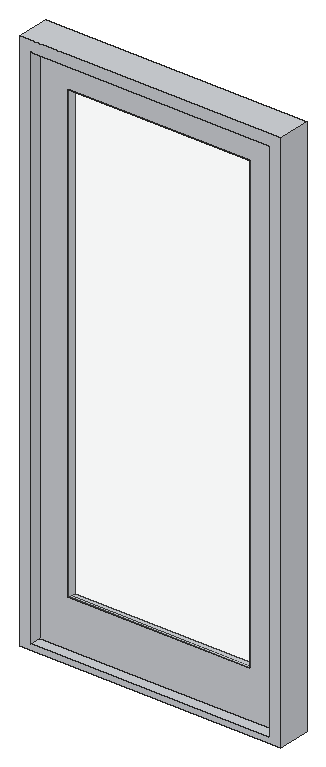
Revit family "PHLS Door", category Doors, host Wall, Revit 2018
Family settings
  Host = Wall
  OmniClass Number = 23.30.10.00
  OmniClass Title = Doors
  Always vertical = Yes
  Cut with Voids When Loaded = No
  Shared = No
  Room Calculation Point = No
Parameters
  Transom t2 Width [instance] = 0 mm
  Transom t1 Width [instance] = 0 mm
  Transom t Width [instance] = 0 mm
  Top Rail Width [instance] = 110 mm
  Top Frame Width Operable [instance] = 0 mm
  Top Frame Width [instance] = 150 mm
  Threshold Width [instance] = 0 mm
  Swing Outward Right [instance] = if(or(not(Swing Outward), not(Door Opening Symbol Right Hung)), 1 = 2, 1 = 1)  # no
  Swing Outward Left [instance] = if(or(not(Swing Outward), not(Door Opening Symbol Left Hung)), 1 = 2, 1 = 1)  # no
  Swing Outward [instance] = no
  Swing Inward Right [instance] = if(or(not(Swing Inward), not(Door Opening Symbol Right Hung)), 1 = 2, 1 = 1)  # no
  Swing Inward Left [instance] = if(or(not(Swing Inward), not(Door Opening Symbol Left Hung)), 1 = 2, 1 = 1)  # no
  Swing Inward [instance] = not(Swing Outward)  # yes
  Right Stile Width [instance] = 110 mm
  Right Frame Width Operable [instance] = 0 mm
  Right Frame Width [instance] = 150 mm
  PHPP oReveal Right Side [instance] = 250 mm
  PHPP oReveal Left Side [instance] = 500 mm
  PHPP dReveal Right Side [instance] = 250 mm
  PHPP dReveal Left Side [instance] = 500 mm
  PHPP Window reveal depth [instance] = ((PHPP oReveal Left Side) + (PHPP oReveal Right Side)) / 2  # 375 mm
  PHPP U-Value [instance] = 0
  PHPP Threshold [instance] = if(Threshold Width > 10 mm, Width, 0 mm)  # 0 mm
  PHPP Regulated / transparent [instance] = no
  PHPP Reduction factor z for temporary sun protection [instance] = ""
  PHPP Overhang depth [instance] = 1000 mm
  PHPP Installation situation top [instance] = "1"
  PHPP Installation situation right [instance] = "1"
  PHPP Installation situation left [instance] = "1"
  PHPP Installation situation bottom [instance] = "1"
  PHPP Horizontal distance [instance] = 2000 mm
  PHPP Height of shading object [instance] = 2000 mm
  PHPP Glazing [instance] = ""
  PHPP Frame [instance] = ""
  PHPP Fixed glazing length of outer frame Top [instance] = 0 mm  # constant formula
  PHPP Fixed glazing length of outer frame Right [instance] = 0 mm  # constant formula
  PHPP Fixed glazing length of outer frame Left [instance] = 0 mm  # constant formula
  PHPP Fixed glazing length of outer frame Bottom [instance] = 0 mm  # constant formula
  PHPP Distance glazing to reveal [instance] = ((PHPP dReveal Left Side) + (PHPP dReveal Right Side)) / 2  # 375 mm
  PHPP Distance glazing to overhang [instance] = 1000 mm
  PHPP Description [instance] = ""
  Solid Door Leaf [instance] = if([PHPP U-Value] > 0, 1 < 2, 2 < 1)  # no
  PHPP Comfort exemption [instance] = no
  PHPP Additional reduction factor winter shading [instance] = ""
  PHPP Additional reduction factor summer shading [instance] = ""
  PHLS Familiy Object Version = "6.0 - December 2023"
  Not Solid Door Leaf [instance] = not(Solid Door Leaf)  # yes
  Mullion m2 Width [instance] = 0 mm
  Mullion m1 Width [instance] = 0 mm
  Mullion m Width [instance] = 0 mm
  Mullion fm Width [instance] = 0 mm
  Left Stile Width [instance] = 110 mm
  Left Frame Width Operable [instance] = 0 mm
  Left Frame Width [instance] = 150 mm
  Glass Setback [instance] = 120 mm
  Door Opening Symbol Right Hung [instance] = no
  Top Rail Width Constraint [instance] = if(Top Rail Width < 5 mm, 5 mm, if(and(not(Top Rail Width < Top Frame Width Operable - 5 mm), not(Top Frame Width Operable < 10 mm)), Top Frame Width Operable - 10 mm, if(and(Top Frame Width Operable < 10 mm, not(Top Rail Width < Top Frame Width - 5 mm), not(Top Frame Width < 10 mm)), Top Frame Width - 10 mm, if(and(Top Rail Width > Top Frame Width, Top Rail Width > Top Frame Width Operable), 5 mm, Top Rail Width))))  # 110 mm
  Top Frame Width Constraint [instance] = if(Top Frame Width Operable > 10 mm, Top Frame Width Operable, if(Top Frame Width < 10 mm, 10 mm, Top Frame Width))  # 150 mm
  Door Leaf Symbol Extent Right [instance] = Width - ((Right Frame Width Constraint - Right Stile Width Constraint) + (Left Frame Width Constraint - Left Stile Width Constraint))  # 920 mm
  Door Leaf Symbol Extent Left [instance] = Width - ((Left Frame Width Constraint - Left Stile Width Constraint) + (Right Frame Width Constraint - Right Stile Width Constraint))  # 920 mm
  Door Leaf Setback [instance] = 100 mm
  Door Opening Symbol Left Hung [instance] = no
  Door Leaf Material [instance] = none
  Door Leaf Depth [instance] = 30 mm
  Right Stile Width Constraint [instance] = if(Right Stile Width < 5 mm, 5 mm, if(and(not(Right Stile Width < Right Frame Width Operable - 5 mm), not(Right Frame Width Operable < 10 mm)), Right Frame Width Operable - 10 mm, if(and(Right Frame Width Operable < 10 mm, not(Right Stile Width < Right Frame Width - 5 mm), not(Right Frame Width < 10 mm)), Right Frame Width - 10 mm, if(and(Right Stile Width > Right Frame Width, Right Stile Width > Right Frame Width Operable), 5 mm, Right Stile Width))))  # 110 mm
  Right Frame Width Constraint [instance] = if(Right Frame Width Operable > 10 mm, Right Frame Width Operable, if(Right Frame Width < 10 mm, 10 mm, Right Frame Width))  # 150 mm
  Left Stile Width Constraint [instance] = if(Left Stile Width < 5 mm, 5 mm, if(and(not(Left Stile Width < Left Frame Width Operable - 5 mm), not(Left Frame Width Operable < 10 mm)), Left Frame Width Operable - 10 mm, if(and(Left Frame Width Operable < 10 mm, not(Left Stile Width < Left Frame Width - 5 mm), not(Left Frame Width < 10 mm)), Left Frame Width - 10 mm, if(and(Left Stile Width > Left Frame Width, Left Stile Width > Left Frame Width Operable), 5 mm, Left Stile Width))))  # 110 mm
  Left Frame Width Constraint [instance] = if(Left Frame Width Operable > 10 mm, Left Frame Width Operable, if(Left Frame Width < 10 mm, 10 mm, Left Frame Width))  # 150 mm
  Height [instance] = 2100 mm
  Glass Thickness [instance] = 14.974 mm
  Glass Setback Constraint [instance] = if(Glass Setback < Door Leaf Setback, Door Leaf Setback, if(Glass Setback > Door Leaf Setback + Door Leaf Depth, Door Leaf Setback + Door Leaf Depth - Glass Thickness, Glass Setback))  # 120 mm
  Glass Material [instance] = Glass
  Frame Setback [instance] = 50 mm
  Frame Material [instance] = none
  Frame Depth [instance] = 125 mm
  Default Sill Height = 0 mm
  Wall Closure = By host
  Width [instance] = 1000 mm
  Bottom Rail Width Constraint [instance] = if(Bottom Rail Width < 5 mm, 5 mm, if(and(not(Bottom Rail Width < Bottom Frame Width Operable - 5 mm), not(Bottom Frame Width Operable < 10 mm)), Bottom Frame Width Operable - 10 mm, if(and(Bottom Frame Width Operable < 10 mm, Threshold Width < 10 mm, not(Bottom Rail Width < Bottom Frame Width - 5 mm), not(Bottom Frame Width < 10 mm)), Bottom Frame Width - 10 mm, if(and(Bottom Rail Width > Bottom Frame Width, Bottom Rail Width > Bottom Frame Width Operable, Bottom Rail Width > Threshold Width), 5 mm, Bottom Rail Width))))  # 180 mm
  Bottom Rail Width [instance] = 180 mm
  Bottom Frame Width Operable [instance] = 0 mm
  Bottom Frame Width Constraint [instance] = if(Threshold Width > 10 mm, Threshold Width, if(Bottom Frame Width Operable > 10 mm, Bottom Frame Width Operable, if(Bottom Frame Width < 10 mm, 10 mm, Bottom Frame Width)))  # 200 mm
  Shading Guides and Labels Visible [instance] = yes
  Bottom Frame Width [instance] = 200 mm
  Analytic Construction = "<None>"
Reference planes
  plane 1 "Center (Front/Back)": y = 0
  plane 2 "Center (Left/Right)": x = 0
  plane 3 "Left": x = -500
  plane 4 "Right": x = 500
  plane 5 "Sill": z = 0
  plane 6 "Head": z = 2100
  plane 7 "Exterior": y = 100
  plane 8 "Interior": y = -100
  plane 9 "Left Frame Overall": x = -350
  plane 10 "Right Frame Overall": x = 350
  plane 11 "Top Frame Overall": z = 1950
  plane 12 "Bottom Frame Overall": z = 200
  plane 13 "Frame Setback": y = 50
  plane 14 "Frame Depth": y = -75
  plane 15 "Glass Setback": y = -20
  plane 16 "Left Stile": x = -460
  plane 17 "Right Stile": x = 460
  plane 18 "Top Sash": z = 2060
  plane 19 "Bottom Sash": z = 20
  plane 20 "Door Leaf Setback": y = 0
  plane 21 "Door Leaf Depth": y = -30
  plane 22 "Glass Thickness": y = -34.974
  plane 23 "Height of Horizontal Shading": z = 2200
  plane 24 "Distance toHorizontal Shading": y = 1980
  plane 25 "Right Frame to Wall Opening": x = 500
  plane 26 "Left Frame to Wall Opening": x = -500
  plane 27 "Top Frame to Wall Opening": z = 2100
  plane 28 "Bottom Frame to Wall Opening": z = 0
  plane 29 "oReveal Left": y = 480
  plane 30 "oReveal Right": y = 230
  plane 31 "dReveal Left": x = -850
  plane 32 "dReveal Right": x = 600
  plane 33 "Distance to Overhang": y = 980
  plane 34 "Height of Overhang": z = 2950
  plane 35 "Center (Top/Bottom)": z = 1050
  plane 36 "Door Leaf Symbol Extent Left": y = 920
  plane 37 "Door Leaf Symbol Left": x = -430
  plane 38 "Door Leaf Symbol Right": x = 430
  plane 39 "Door Leaf Symbol Extent Right": y = 920
  plane 40 "15": y = -950
  plane 41 "16": y = -950
Forms (mm)
  Extrusion 1, solid, material <- "Frame Material", visible <- "Not Solid Door Leaf"
    sketch origin (0, 0, 0) x (1, 0, 0) y (0, 1, 0)
      loop
        line (-350, 0) -> (-460, 0) -> (-460, -30) -> (-350, -30) -> (-350, 0)
    from 20 to 2060
  Extrusion 2, solid, material <- "Frame Material", visible <- "Not Solid Door Leaf"
    sketch origin (260, 0, 0) x (1, 0, 0) y (0, 1, 0)
      loop
        line (200, 0) -> (90, 0) -> (90, -30) -> (200, -30) -> (200, 0)
    from 20 to 2060
  Extrusion 3, solid, material <- "Frame Material", visible <- "Not Solid Door Leaf"
    sketch origin (-500, 0, 0) x (0, -1, 0) y (0, 0, 1)
      loop
        line (0, 2060) -> (0, 1950) -> (30, 1950) -> (30, 2060) -> (0, 2060)
    from -960 to -40
  Extrusion 4, solid, material <- "Frame Material", visible <- "Not Solid Door Leaf"
    sketch origin (-500, 0, -1160) x (0, -1, 0) y (0, 0, 1)
      loop
        line (0, 1360) -> (0, 1180) -> (30, 1180) -> (30, 1360) -> (0, 1360)
    from -960 to -40
  Extrusion 5, solid, material "Glass" <- "Glass Material", visible <- "Not Solid Door Leaf"
    sketch origin (0, 100, 0) x (1, 0, 0) y (0, 0, 1)
      loop
        line (350, 1950) -> (-350, 1950) -> (-350, 200) -> (350, 200) -> (350, 1950)
    from 120 to 134.974
  Extrusion 6, solid, material <- "Frame Material"
    sketch origin (0, 0, 0) x (1, 0, 0) y (0, 1, 0)
      loop
        line (-500, 50) -> (-500, -75) -> (-460, -75) -> (-460, 50) -> (-500, 50)
    from 0 to 2100
  Extrusion 7, solid, material <- "Frame Material"
    sketch origin (240, 0, 0) x (1, 0, 0) y (0, 1, 0)
      loop
        line (220, 50) -> (220, -75) -> (260, -75) -> (260, 50) -> (220, 50)
    from 0 to 2100
  Extrusion 8, solid, material <- "Frame Material"
    sketch origin (-500, 0, 0) x (0, -1, 0) y (0, 0, 1)
      loop
        line (-50, 2100) -> (-50, 2060) -> (75, 2060) -> (75, 2100) -> (-50, 2100)
    from -1000 to 0
  Extrusion 9, solid, material <- "Frame Material"
    sketch origin (-500, 0, 0) x (0, -1, 0) y (0, 0, 1)
      loop
        line (-50, 20) -> (-50, 0) -> (75, 0) -> (75, 20) -> (-50, 20)
    from -1000 to 0
  Extrusion 10, solid, material <- "Door Leaf Material", visible <- "Solid Door Leaf"
    sketch origin (0, 100, 0) x (1, 0, 0) y (0, 0, 1)
      loop
        line (460, 2060) -> (-460, 2060) -> (-460, 20) -> (460, 20) -> (460, 2060)
    from 100 to 130
Cuts and joins
  joined: Extrusion 6, Extrusion 7, Extrusion 8, Extrusion 9
  joined: Extrusion 1, Extrusion 2, Extrusion 3, Extrusion 4
Lines and regions (mm)
  Opening 1
    outline origin (3500, -100, 0) x (1, 0, 0) y (0, 0, 1)
      loop
        line (-3000, 0) -> (-3000, 2100) -> (-4000, 2100) -> (-4000, 0) -> (-3000, 0)
  Masking region 1, visible <- "Swing Outward Left"
    outline origin (0, 0, 0) x (1, 0, 0) y (0, 1, 0)
      loop
        line (-460, 920) -> (-460, 0) -> (-430, 0) -> (-430, 920) -> (-460, 920)
  Masking region 2, visible <- "Swing Outward Right"
    outline origin (885, 0, 0) x (1, 0, 0) y (0, 1, 0)
      loop
        line (-455, 920) -> (-455, 0) -> (-425, 0) -> (-425, 920) -> (-455, 920)
  Masking region 3, visible <- "Swing Inward Left"
    outline origin (0, -960, 0) x (1, 0, 0) y (0, 1, 0)
      loop
        line (-460, 930) -> (-460, 10) -> (-430, 10) -> (-430, 930) -> (-460, 930)
  Masking region 4, visible <- "Swing Inward Right"
    outline origin (885, -960, 0) x (1, 0, 0) y (0, 1, 0)
      loop
        line (-455, 930) -> (-455, 10) -> (-425, 10) -> (-425, 930) -> (-455, 930)
  symbolic lines, visible <- "Shading Guides and Labels Visible"
    curve 1: line (-500, 1980, 0) -> (500, 1980, 0)
    curve 2: line (500, 100, 2200) -> (-500, 100, 2200)
    curve 3: line (-500, 2480, 2200) -> (-500, 1880, 2200)
    curve 4: line (-500, 1980, 200) -> (-500, 1980, 2300)
    curve 5: line (-1350, 480, 0) -> (-750, 480, 0)
    curve 6: line (1100, 230, 0) -> (500, 230, 0)
    curve 7: line (-850, -20, 0) -> (-850, 580, 0)
    curve 8: line (600, -20, 0) -> (600, 330, 0)
    curve 9: line (-500, 1080, 2950) -> (-500, -20, 2950)
    curve 10: line (-500, 980, 2850) -> (-500, 980, 3450)
    curve 11: line (-500, 980, 0) -> (500, 980, 0)
    curve 12: line (500, 100, 2950) -> (-500, 100, 2950)
    curve 13: line (600, 100, 200) -> (600, 100, 1950)
    curve 14: line (-850, 100, 1950) -> (-850, 100, 200)
    curve 15: line (-500, 480, 200) -> (-500, 480, 1950)
    curve 16: line (-500, 230, 200) -> (-500, 230, 1950)
  symbolic lines, visible <- "Door Opening Symbol Right Hung"
    curve 17: line (460, 100, 2060) -> (-460, 100, 1050)
    curve 18: line (460, 100, 20) -> (-460, 100, 1050)
  symbolic lines, visible <- "Door Opening Symbol Left Hung"
    curve 19: line (-460, 100, 2060) -> (460, 100, 1050)
    curve 20: line (-460, 100, 20) -> (460, 100, 1050)
  symbolic lines, style "DoorsPanelProjection", visible <- "Swing Outward Left"
    curve 21: arc (460, 0, 0) -> (201.23, 640.157, 0) -> (-430, 920, 0) r 920
  symbolic lines, style "DoorsPanelProjection", visible <- "Swing Outward Right"
    curve 22: arc (430, 920, 0) -> (-201.23, 640.157, 0) -> (-460, 0, 0) r 920
  symbolic lines, style "DoorsPanelProjection", visible <- "Swing Inward Left"
    curve 23: arc (-430, -950, 0) -> (201.23, -670.157, 0) -> (460, -30, 0) r 920
  symbolic lines, style "DoorsPanelProjection", visible <- "Swing Inward Right"
    curve 24: arc (-460, -30, 0) -> (-201.23, -670.157, 0) -> (430, -950, 0) r 920
Text (mm)
  text "EXTERIOR" at (-1963.203, 1332.353, 0), in view "Ref. Level"
  text "INTERIOR" at (-1981.466, -818.386, 0), in view "Ref. Level"
  text "Exterior" at (0, 923.751, 2943.296), in view "Right"
  text "Exterior" at (0, 1040.484, 2685.409), in view "Left"
Dimensions and locks
  equal spacing: plane 3 "Left", plane 2 "Center (Left/Right)", plane 4 "Right"
  "Width": plane 3 "Left" to plane 4 "Right"
  "Height": plane 5 "Sill" to plane 6 "Head"
  "Default Sill Height": plane 5 "Sill" to level
  locked: plane 7 "Exterior" to host wall at 0
  locked: plane 8 "Interior" to host wall
  "Left Frame Width Constraint": plane 26 "Left Frame to Wall Opening" to plane 9 "Left Frame Overall"
  "Right Frame Width Constraint": plane 10 "Right Frame Overall" to plane 25 "Right Frame to Wall Opening"
  "Bottom Frame Width Constraint": plane 28 "Bottom Frame to Wall Opening" to plane 12 "Bottom Frame Overall"
  "Glass Setback Constraint": plane 15 "Glass Setback" to plane 7 "Exterior"
  "Frame Setback": plane 13 "Frame Setback" to plane 7 "Exterior"
  "Frame Depth": plane 13 "Frame Setback" to plane 14 "Frame Depth"
  "Bottom Rail Width Constraint": plane 19 "Bottom Sash" to plane 12 "Bottom Frame Overall"
  "Top Rail Width Constraint": plane 11 "Top Frame Overall" to plane 18 "Top Sash"
  "Right Stile Width Constraint": plane 10 "Right Frame Overall" to plane 17 "Right Stile"
  "Left Stile Width Constraint": plane 16 "Left Stile" to plane 9 "Left Frame Overall"
  "Door Leaf Setback": plane 20 "Door Leaf Setback" to plane 7 "Exterior"
  "Door Leaf Depth": plane 20 "Door Leaf Setback" to plane 21 "Door Leaf Depth"
  "Glass Thickness": plane 15 "Glass Setback" to plane 22 "Glass Thickness"
  "PHPP Horizontal distance": plane 24 "Distance toHorizontal Shading" to plane 15 "Glass Setback"
  "PHPP Height of shading object": plane 12 "Bottom Frame Overall" to plane 23 "Height of Horizontal Shading"
  "Top Frame Width Constraint": plane 11 "Top Frame Overall" to plane 27 "Top Frame to Wall Opening"
  locked: curve 3 to plane 24 "Distance toHorizontal Shading" at 500
  "PHPP oReveal Left Side": plane 29 "oReveal Left" to plane 15 "Glass Setback"
  "PHPP oReveal Right Side": plane 30 "oReveal Right" to plane 15 "Glass Setback"
  "PHPP dReveal Left Side": plane 31 "dReveal Left" to plane 9 "Left Frame Overall"
  locked: curve 5 to plane 31 "dReveal Left" at 500
  curve 7 to plane 29 "oReveal Left" = 100 mm
  locked: plane 29 "oReveal Left" to nested 4 at 250
  locked: curve 8 to plane 30 "oReveal Right" at 100
  locked: plane 32 "dReveal Right" to curve 6 at 500
  locked: plane 30 "oReveal Right" to nested 5 at 249.713
  "PHPP dReveal Right Side": plane 10 "Right Frame Overall" to plane 32 "dReveal Right"
  locked: plane 31 "dReveal Left" to curve 5 at 100
  "PHPP Overhang depth": plane 33 "Distance to Overhang" to plane 15 "Glass Setback"
  "PHPP Distance glazing to overhang": plane 11 "Top Frame Overall" to plane 34 "Height of Overhang"
  curve 9 to plane 33 "Distance to Overhang" to nested 11 = 100 mm locked, 150 mm locked
  locked: curve 4 to plane 23 "Height of Horizontal Shading" at 100
  equal spacing: plane 5 "Sill", plane 35 "Center (Top/Bottom)", plane 6 "Head"
  locked: nested 7 to plane 31 "dReveal Left" at 50
  locked: nested 2 to plane 31 "dReveal Left" at 250
  locked: curve 6 to plane 32 "dReveal Right" at 100
  locked: plane 32 "dReveal Right" to nested 3 at 250
  locked: nested 13 to plane 24 "Distance toHorizontal Shading" at 150
  locked: plane 23 "Height of Horizontal Shading" to nested 12 at 150
  locked: plane 24 "Distance toHorizontal Shading" to curve 3 at 100
  locked: curve 10 to plane 34 "Height of Overhang" at 500
  locked: plane 34 "Height of Overhang" to curve 10 at 100
  locked: nested 9 to plane 34 "Height of Overhang" at 150
  "Door Leaf Depth": plane 16 "Left Stile" to plane 37 "Door Leaf Symbol Left"
  "Door Leaf Depth": plane 38 "Door Leaf Symbol Right" to plane 17 "Right Stile"
  "Door Leaf Symbol Extent Left": plane 36 "Door Leaf Symbol Extent Left" to plane 20 "Door Leaf Setback"
  "Door Leaf Symbol Extent Right": plane 39 "Door Leaf Symbol Extent Right" to plane 20 "Door Leaf Setback"
  "Door Leaf Symbol Extent Left": plane 21 "Door Leaf Depth" to plane 40 "15"
  "Door Leaf Symbol Extent Right": plane 21 "Door Leaf Depth" to plane 41 "16"
  "Door Leaf Symbol Extent Left": radius of curve 21
  "Door Leaf Symbol Extent Right": radius of curve 22
  "Door Leaf Symbol Extent Left": radius of curve 23
  "Door Leaf Symbol Extent Right": radius of curve 24
  aligned and locked: Extrusion 1 sketch curve to plane 9 "Left Frame Overall"
  aligned and locked: plane 16 "Left Stile" to Extrusion 1 sketch curve
  aligned and locked: plane 20 "Door Leaf Setback" to Extrusion 1 sketch curve
  aligned and locked: Extrusion 1 sketch curve to plane 21 "Door Leaf Depth"
  aligned and locked: plane 19 "Bottom Sash" to Extrusion 1
  aligned and locked: Extrusion 1 to plane 18 "Top Sash"
  aligned and locked: Extrusion 2 to plane 18 "Top Sash"
  aligned and locked: plane 19 "Bottom Sash" to Extrusion 2
  aligned and locked: Extrusion 2 sketch curve to plane 17 "Right Stile"
  aligned and locked: plane 10 "Right Frame Overall" to Extrusion 2 sketch curve
  aligned and locked: Extrusion 2 sketch curve to plane 21 "Door Leaf Depth"
  aligned and locked: plane 20 "Door Leaf Setback" to Extrusion 2 sketch curve
  aligned and locked: Extrusion 3 sketch curve to plane 11 "Top Frame Overall"
  aligned and locked: plane 18 "Top Sash" to Extrusion 3 sketch curve
  aligned and locked: plane 21 "Door Leaf Depth" to Extrusion 3 sketch curve
  aligned and locked: Extrusion 3 sketch curve to plane 20 "Door Leaf Setback"
  aligned and locked: Extrusion 3 to plane 17 "Right Stile"
  aligned and locked: plane 16 "Left Stile" to Extrusion 3
  aligned and locked: plane 16 "Left Stile" to Extrusion 4
  aligned and locked: Extrusion 4 to plane 17 "Right Stile"
  aligned and locked: Extrusion 4 sketch curve to plane 20 "Door Leaf Setback"
  aligned and locked: plane 21 "Door Leaf Depth" to Extrusion 4 sketch curve
  aligned and locked: plane 12 "Bottom Frame Overall" to Extrusion 4 sketch curve
  aligned and locked: Extrusion 4 sketch curve to plane 19 "Bottom Sash"
  aligned and locked: plane 11 "Top Frame Overall" to Extrusion 5 sketch curve
  aligned and locked: plane 10 "Right Frame Overall" to Extrusion 5 sketch curve
  aligned and locked: Extrusion 5 sketch curve to plane 12 "Bottom Frame Overall"
  aligned and locked: Extrusion 5 sketch curve to plane 9 "Left Frame Overall"
  aligned and locked: plane 15 "Glass Setback" to Extrusion 5
  aligned and locked: Extrusion 5 to plane 22 "Glass Thickness"
  aligned and locked: Extrusion 9 sketch curve to plane 13 "Frame Setback"
  aligned and locked: plane 14 "Frame Depth" to Extrusion 9 sketch curve
  aligned and locked: Extrusion 9 sketch curve to plane 5 "Sill"
  aligned and locked: plane 19 "Bottom Sash" to Extrusion 9 sketch curve
  aligned and locked: cut or joined group of Extrusion 6, Extrusion 7, Extrusion 8, Extrusion 9 to plane 4 "Right"  (x2)
  aligned and locked: plane 3 "Left" to cut or joined group of Extrusion 6, Extrusion 7, Extrusion 8, Extrusion 9  (x2)
  aligned and locked: Extrusion 8 sketch curve to plane 13 "Frame Setback"
  aligned and locked: plane 14 "Frame Depth" to Extrusion 8 sketch curve
  aligned and locked: Extrusion 8 sketch curve to plane 18 "Top Sash"
  aligned and locked: plane 4 "Right" to Extrusion 7 sketch curve
  aligned and locked: plane 14 "Frame Depth" to Extrusion 7 sketch curve
  aligned and locked: Extrusion 7 sketch curve to plane 13 "Frame Setback"
  aligned and locked: Extrusion 7 sketch curve to plane 17 "Right Stile"
  aligned and locked: cut or joined group of Extrusion 6, Extrusion 7, Extrusion 8, Extrusion 9 to plane 6 "Head"  (x2)
  aligned and locked: plane 5 "Sill" to cut or joined group of Extrusion 6, Extrusion 7, Extrusion 8, Extrusion 9  (x2)
  aligned and locked: Extrusion 6 sketch curve to plane 3 "Left"
  aligned and locked: plane 14 "Frame Depth" to Extrusion 6 sketch curve
  aligned and locked: Extrusion 6 sketch curve to plane 13 "Frame Setback"
  aligned and locked: plane 16 "Left Stile" to Extrusion 6 sketch curve
  aligned and locked: plane 4 "Right" to cut or joined group of Extrusion 6, Extrusion 7, Extrusion 8, Extrusion 9
  aligned and locked: plane 4 "Right" to plane 25 "Right Frame to Wall Opening"
  aligned and locked: plane 3 "Left" to plane 26 "Left Frame to Wall Opening"
  aligned and locked: curve 1 to plane 24 "Distance toHorizontal Shading"
  aligned and locked: curve 1 to plane 4 "Right"
  aligned and locked: plane 3 "Left" to curve 2
  aligned and locked: plane 4 "Right" to curve 2
  aligned and locked: curve 2 to plane 23 "Height of Horizontal Shading"
  aligned and locked: curve 4 to plane 24 "Distance toHorizontal Shading"
  aligned and locked: plane 2 "Center (Left/Right)" to nested 1
  aligned and locked: plane 27 "Top Frame to Wall Opening" to plane 6 "Head"
  aligned and locked: plane 28 "Bottom Frame to Wall Opening" to plane 5 "Sill"
  aligned and locked: curve 5 to plane 29 "oReveal Left"
  aligned and locked: curve 6 to plane 30 "oReveal Right"
  aligned and locked: plane 30 "oReveal Right" to nested 3
  aligned and locked: nested 1 to plane 24 "Distance toHorizontal Shading"
  aligned and locked: curve 7 to plane 31 "dReveal Left"
  aligned and locked: nested 4 to plane 31 "dReveal Left"
  aligned and locked: curve 8 to plane 32 "dReveal Right"
  aligned and locked: plane 32 "dReveal Right" to nested 5
  aligned and locked: nested 2 to plane 29 "oReveal Left"
  aligned and locked: plane 15 "Glass Setback" to curve 7
  aligned and locked: curve 8 to plane 15 "Glass Setback"
  aligned and locked: curve 9 to plane 34 "Height of Overhang"
  aligned and locked: plane 15 "Glass Setback" to curve 9
  aligned and locked: curve 10 to plane 33 "Distance to Overhang"
  aligned and locked: curve 4 to plane 12 "Bottom Frame Overall"
  aligned and locked: curve 3 to plane 23 "Height of Horizontal Shading"
  aligned and locked: plane 2 "Center (Left/Right)" to nested 6
  aligned and locked: nested 6 to plane 33 "Distance to Overhang"
  aligned and locked: curve 11 to plane 3 "Left"
  aligned and locked: curve 11 to plane 4 "Right"
  aligned and locked: curve 11 to plane 33 "Distance to Overhang"
  aligned and locked: plane 4 "Right" to curve 12
  aligned and locked: plane 3 "Left" to curve 12
  aligned and locked: curve 12 to plane 34 "Height of Overhang"
  aligned and locked: plane 12 "Bottom Frame Overall" to curve 13
  aligned and locked: plane 11 "Top Frame Overall" to curve 13
  aligned and locked: curve 13 to plane 32 "dReveal Right"
  aligned and locked: plane 32 "dReveal Right" to nested 8
  aligned and locked: nested 8 to plane 35 "Center (Top/Bottom)"
  aligned and locked: nested 7 to plane 35 "Center (Top/Bottom)"
  aligned and locked: plane 34 "Height of Overhang" to nested 10
  aligned and locked: nested 10 to plane 2 "Center (Left/Right)"
  aligned and locked: nested 9 to plane 33 "Distance to Overhang"
  aligned and locked: nested 11 to plane 34 "Height of Overhang"
  aligned and locked: nested 12 to plane 24 "Distance toHorizontal Shading"
  aligned and locked: nested 14 to plane 2 "Center (Left/Right)"
  aligned and locked: plane 23 "Height of Horizontal Shading" to nested 14
  aligned and locked: nested 13 to plane 23 "Height of Horizontal Shading"
  aligned and locked: plane 11 "Top Frame Overall" to curve 14
  aligned and locked: plane 12 "Bottom Frame Overall" to curve 14
  aligned and locked: curve 14 to plane 31 "dReveal Left"
  aligned and locked: curve 16 to plane 30 "oReveal Right"
  aligned and locked: nested 15 to plane 30 "oReveal Right"
  aligned and locked: curve 15 to plane 29 "oReveal Left"
  aligned and locked: nested 16 to plane 29 "oReveal Left"
  aligned and locked: plane 35 "Center (Top/Bottom)" to nested 15
  aligned and locked: plane 35 "Center (Top/Bottom)" to nested 16
  aligned and locked: plane 11 "Top Frame Overall" to curve 16
  aligned and locked: plane 11 "Top Frame Overall" to curve 15
  aligned and locked: plane 12 "Bottom Frame Overall" to curve 16
  aligned and locked: plane 12 "Bottom Frame Overall" to curve 15
  aligned and locked: plane 17 "Right Stile" to curve 18
  aligned and locked: plane 19 "Bottom Sash" to curve 18
  aligned and locked: plane 16 "Left Stile" to curve 20
  aligned and locked: plane 19 "Bottom Sash" to curve 20
  aligned and locked: plane 17 "Right Stile" to curve 17
  aligned and locked: plane 18 "Top Sash" to curve 17
  aligned and locked: plane 16 "Left Stile" to curve 19
  aligned and locked: plane 18 "Top Sash" to curve 19
  aligned and locked: plane 35 "Center (Top/Bottom)" to curve 17
  aligned and locked: plane 16 "Left Stile" to curve 17
  aligned and locked: plane 35 "Center (Top/Bottom)" to curve 19
  aligned and locked: plane 17 "Right Stile" to curve 19
  aligned and locked: plane 19 "Bottom Sash" to Extrusion 10
  aligned and locked: Extrusion 10 to plane 17 "Right Stile"
  aligned and locked: plane 16 "Left Stile" to Extrusion 10
  aligned and locked: Extrusion 10 to plane 18 "Top Sash"
  aligned and locked: Extrusion 10 to plane 21 "Door Leaf Depth"
  aligned and locked: plane 20 "Door Leaf Setback" to Extrusion 10
  aligned and locked: plane 36 "Door Leaf Symbol Extent Left" to curve 21
  aligned and locked: plane 37 "Door Leaf Symbol Left" to curve 21
  aligned and locked: plane 17 "Right Stile" to curve 21
  aligned and locked: plane 20 "Door Leaf Setback" to curve 21
  aligned and locked: plane 20 "Door Leaf Setback" to curve 22
  aligned and locked: plane 16 "Left Stile" to curve 22
  aligned and locked: plane 38 "Door Leaf Symbol Right" to curve 22
  aligned and locked: plane 37 "Door Leaf Symbol Left" to curve 23
  aligned and locked: plane 40 "15" to curve 23
  aligned and locked: plane 17 "Right Stile" to curve 23
  aligned and locked: plane 21 "Door Leaf Depth" to curve 23
  aligned and locked: plane 16 "Left Stile" to curve 24
  aligned and locked: plane 41 "16" to curve 24
  aligned and locked: Masking region 1 sketch curve to plane 37 "Door Leaf Symbol Left"
  aligned and locked: Masking region 1 sketch curve to plane 16 "Left Stile"
  aligned and locked: Masking region 1 sketch curve to plane 36 "Door Leaf Symbol Extent Left"
  aligned and locked: plane 20 "Door Leaf Setback" to Masking region 1 sketch curve
  aligned and locked: Masking region 2 sketch curve to plane 17 "Right Stile"
  aligned and locked: Masking region 2 sketch curve to plane 38 "Door Leaf Symbol Right"
  aligned and locked: Masking region 2 sketch curve to plane 39 "Door Leaf Symbol Extent Right"
  aligned and locked: plane 20 "Door Leaf Setback" to Masking region 2 sketch curve
  aligned and locked: plane 17 "Right Stile" to Masking region 4 sketch curve
  aligned and locked: Masking region 4 sketch curve to plane 38 "Door Leaf Symbol Right"
  aligned and locked: plane 41 "16" to Masking region 4 sketch curve
  aligned and locked: Masking region 4 sketch curve to plane 21 "Door Leaf Depth"
  aligned and locked: Masking region 3 sketch curve to plane 16 "Left Stile"
  aligned and locked: Masking region 3 sketch curve to plane 37 "Door Leaf Symbol Left"
  aligned and locked: plane 40 "15" to Masking region 3 sketch curve
  aligned and locked: Masking region 3 sketch curve to plane 21 "Door Leaf Depth"
  aligned and locked: plane 27 "Top Frame to Wall Opening" to Extrusion 8 sketch curve
Automatic sketch dimensions
  Opening 1 sketch curve to level = 0 mm
  plane 3 "Left" to Opening 1 sketch curve = 0 mm
  plane 4 "Right" to Opening 1 sketch curve = 0 mm
  Opening 1 sketch curve to plane 6 "Head" = 0 mm
  plane 16 "Left Stile" to Extrusion 10 sketch curve = 0 mm
  plane 17 "Right Stile" to Extrusion 10 sketch curve = 0 mm
  Extrusion 10 sketch curve to plane 19 "Bottom Sash" = 0 mm
  Extrusion 10 sketch curve to plane 18 "Top Sash" = 0 mm
  curve 1 to plane 3 "Left" = 0 mm
  curve 24 to plane 38 "Door Leaf Symbol Right" = 0 mm
  curve 24 to plane 21 "Door Leaf Depth" = 0 mm
  plane 36 "Door Leaf Symbol Extent Left" to curve 22 = 0 mm
Nested families
  nested 1: "dHori Text" at (0, 1980, 0), visible <- "Shading Guides and Labels Visible", type "dHori Text"
  nested 2: "oReveal Left Side Text" at (-1100, 480, 0), visible <- "Shading Guides and Labels Visible", type "oReveal Left Side Text"
  nested 3: "oReveal Right Side Text" at (850, 230, 0), visible <- "Shading Guides and Labels Visible", type "oReveal Right Side Text"
  nested 4: "dReveal Left Side Text" at (-850, 230, 0) x (0, 1, 0) z (0, 0, 1), visible <- "Shading Guides and Labels Visible", type "dReveal Left Side Text"
  nested 5: "dReveal Right Side Text" at (600, -19.713, 0) x (0, -1, 0) z (0, 0, 1), visible <- "Shading Guides and Labels Visible", type "dReveal Right Side Text"
  nested 6: "oOver Text" at (0, 980, 0), visible <- "Shading Guides and Labels Visible", type "oOver Text"
  nested 7: "dReveal Left Side Text - Elevation" at (-800, 100, 1050) x (0, 0, 1) z (0, -1, 0), visible <- "Shading Guides and Labels Visible", type "dReveal Left Side Text - Elevation"
  nested 8: "dReveal Right Side Text - Elevation" at (600, 100, 1050) x (0, 0, 1) z (0, -1, 0), visible <- "Shading Guides and Labels Visible", type "dReveal Right Side Text - Elevation"
  nested 9: "oOver Text - Elevation" at (-500, 980, 3100) x (0, 0, 1) z (-1, 0, 0), visible <- "Shading Guides and Labels Visible", type "oOver Text - Elevation"
  nested 10: "dOver Text - Elevation" at (0, 100, 2950) x (-1, 0, 0) z (0, -1, 0), visible <- "Shading Guides and Labels Visible", type "dOver Text - Elevation"
  nested 11: "dOver Text - Elevation" at (-500, 830, 2950) x (0, -1, 0) z (-1, 0, 0), visible <- "Shading Guides and Labels Visible", type "dOver Text - Elevation"
  nested 12: "dHori Text - Elevation" at (-500, 1980, 2050) x (0, 0, 1) z (-1, 0, 0), visible <- "Shading Guides and Labels Visible", type "dHori Text - Elevation"
  nested 13: "hHori Text - Elevation" at (-500, 2130, 2200) x (0, -1, 0) z (-1, 0, 0), visible <- "Shading Guides and Labels Visible", type "hHori Text - Elevation"
  nested 14: "hHori Text - Elevation" at (0, 100, 2200) x (-1, 0, 0) z (0, -1, 0), visible <- "Shading Guides and Labels Visible", type "hHori Text - Elevation"
  nested 15: "oReveal Right Side Text - Elevation" at (-500, 230, 1050) x (0, 0, 1) z (-1, 0, 0), visible <- "Shading Guides and Labels Visible", type "oReveal Right Side Text - Elevation"
  nested 16: "oReveal Left Side Text - Elevation" at (-500, 480, 1050) x (0, 0, 1) z (-1, 0, 0), visible <- "Shading Guides and Labels Visible", type "oReveal Left Side Text - Elevation"
Definition of nested family "dHori Text"
  Reference planes
    plane 1: y = 0
    plane 2: x = 0
  Text (mm)
    text "PHPP dHori" at (0.078, -0.3, 0)
Definition of nested family "oReveal Left Side Text"
  Reference planes
    plane 1: y = 0
    plane 2: x = 0
  Text (mm)
    text "PHPP oReveal Left Side" at (0.118, 0.661, 0)
Definition of nested family "oReveal Right Side Text"
  Reference planes
    plane 1: y = 0
    plane 2: x = 0
  Text (mm)
    text "PHPP oReveal Right Side" at (0.011, 0.693, 0)
Definition of nested family "dReveal Left Side Text"
  Reference planes
    plane 1: y = 0
    plane 2: x = 0
  Text (mm)
    text "PHPP dReveal Left Side" at (0.065, -0.206, 0)
Definition of nested family "dReveal Right Side Text"
  Reference planes
    plane 1: y = 0
    plane 2: x = 0
  Text (mm)
    text "PHPP dReveal Right Side" at (0.143, -0.206, 0)
Definition of nested family "oOver Text"
  Reference planes
    plane 1: y = 0
    plane 2: x = 0
  Text (mm)
    text "PHPP oOver" at (0.078, 0.757, 0)
Definition of nested family "dReveal Left Side Text - Elevation"
  Reference planes
    plane 1 "Center (Front/Back)": y = 0
    plane 2: z = 0
    plane 3 "Center (Left/Right)": x = 0
  Lines and regions (mm)
    Filled region 1, type "Solid Fill - Blue", in view "Ref. Level"
      outline origin (0, 0, 0) x (1, 0, 0) y (0, 1, 0)
        loop
          line (-188.472, -33.793) -> (-185.05, -33.793) -> (-182.961, -23.613) -> (-175.674, -23.613)
          spline (-175.674, -23.613) -> (-171.33, -22.908) -> (-169.791, -22.309) -> (-168.405, -21.311) -> (-167.201, -20.024) -> (-166.317, -18.518) -> (-165.768, -16.888) -> (-165.579, -15.289) -> (-165.618, -13.63) -> (-166.119, -11.979) -> (-167.07, -10.588) -> (-168.322, -9.573) -> (-171.627, -8.762)
          line (-171.627, -8.762) -> (-183.335, -8.762) -> (-188.472, -33.793)
        loop
          line (-180.453, -11.396) -> (-182.387, -20.819) -> (-175.67, -20.819)
          spline (-175.67, -20.819) -> (-172.662, -20.274) -> (-171.624, -19.818) -> (-170.758, -19.233) -> (-170.01, -18.47) -> (-169.367, -17.36) -> (-168.916, -16.205) -> (-168.749, -15.161) -> (-168.855, -14.116) -> (-169.161, -13.156) -> (-169.994, -12.16) -> (-170.911, -11.709) -> (-173.495, -11.396)
          line (-173.495, -11.396) -> (-180.453, -11.396)
    Filled region 2, type "Solid Fill - Blue", in view "Ref. Level"
      outline origin (23.211, 0, 0) x (1, 0, 0) y (0, 1, 0)
        loop
          line (-188.472, -33.793) -> (-185.05, -33.793) -> (-182.624, -21.973) -> (-169.658, -21.973) -> (-172.083, -33.793) -> (-168.661, -33.793) -> (-163.525, -8.762) -> (-166.947, -8.762) -> (-169.084, -19.178) -> (-182.05, -19.178) -> (-179.913, -8.762) -> (-183.335, -8.762) -> (-188.472, -33.793)
    Filled region 3, type "Solid Fill - Blue", in view "Ref. Level"
      outline origin (48.414, 0, 0) x (1, 0, 0) y (0, 1, 0)
        loop
          line (-188.472, -33.793) -> (-185.05, -33.793) -> (-182.961, -23.613) -> (-175.674, -23.613)
          spline (-175.674, -23.613) -> (-171.33, -22.908) -> (-169.791, -22.309) -> (-168.405, -21.311) -> (-167.201, -20.024) -> (-166.317, -18.518) -> (-165.768, -16.888) -> (-165.579, -15.289) -> (-165.618, -13.63) -> (-166.119, -11.979) -> (-167.07, -10.588) -> (-168.322, -9.573) -> (-171.627, -8.762)
          line (-171.627, -8.762) -> (-183.335, -8.762) -> (-188.472, -33.793)
        loop
          line (-180.453, -11.396) -> (-182.387, -20.819) -> (-175.67, -20.819)
          spline (-175.67, -20.819) -> (-172.662, -20.274) -> (-171.624, -19.818) -> (-170.758, -19.233) -> (-170.01, -18.47) -> (-169.367, -17.36) -> (-168.916, -16.205) -> (-168.749, -15.161) -> (-168.855, -14.116) -> (-169.161, -13.156) -> (-169.994, -12.16) -> (-170.911, -11.709) -> (-173.495, -11.396)
          line (-173.495, -11.396) -> (-180.453, -11.396)
    Filled region 4, type "Solid Fill - Blue", in view "Ref. Level"
      outline origin (71.479, 0, 0) x (1, 0, 0) y (0, 1, 0)
        loop
          line (-188.472, -33.793) -> (-185.05, -33.793) -> (-182.961, -23.613) -> (-175.674, -23.613)
          spline (-175.674, -23.613) -> (-171.33, -22.908) -> (-169.791, -22.309) -> (-168.405, -21.311) -> (-167.201, -20.024) -> (-166.317, -18.518) -> (-165.768, -16.888) -> (-165.579, -15.289) -> (-165.618, -13.63) -> (-166.119, -11.979) -> (-167.07, -10.588) -> (-168.322, -9.573) -> (-171.627, -8.762)
          line (-171.627, -8.762) -> (-183.335, -8.762) -> (-188.472, -33.793)
        loop
          line (-180.453, -11.396) -> (-182.387, -20.819) -> (-175.67, -20.819)
          spline (-175.67, -20.819) -> (-172.662, -20.274) -> (-171.624, -19.818) -> (-170.758, -19.233) -> (-170.01, -18.47) -> (-169.367, -17.36) -> (-168.916, -16.205) -> (-168.749, -15.161) -> (-168.855, -14.116) -> (-169.161, -13.156) -> (-169.994, -12.16) -> (-170.911, -11.709) -> (-173.495, -11.396)
          line (-173.495, -11.396) -> (-180.453, -11.396)
    Filled region 5, type "Solid Fill - Blue", in view "Ref. Level"
      outline origin (116.479, 0, 0) x (1, 0, 0) y (0, 1, 0)
        loop
          line (-189.097, -33.793) -> (-186.143, -33.793) -> (-181.007, -8.762) -> (-183.96, -8.762) -> (-185.992, -18.666)
          spline (-185.992, -18.666) -> (-189.018, -15.645) -> (-191.89, -15.318) -> (-194.745, -16.312) -> (-197.017, -18.256) -> (-198.758, -21.005) -> (-199.707, -23.911) -> (-199.98, -27.227) -> (-199.492, -30.174) -> (-197.974, -32.627) -> (-195.435, -34.052) -> (-192.553, -33.977) -> (-188.596, -31.353)
          line (-188.596, -31.353) -> (-189.097, -33.793)
        loop
          spline (-187.074, -23.939) -> (-187.766, -19.434) -> (-189.652, -17.96) -> (-191.978, -17.855) -> (-193.982, -19.036) -> (-195.419, -21.043) -> (-196.57, -23.675) -> (-197.008, -26.615) -> (-196.558, -29.314) -> (-195.29, -31.127) -> (-193.225, -31.745) -> (-190.995, -31.199) -> (-187.564, -26.326)
          line (-187.564, -26.326) -> (-187.074, -23.939)
    Filled region 6, type "Solid Fill - Blue", in view "Ref. Level"
      outline origin (123.92, 0, 0) x (1, 0, 0) y (0, 1, 0)
        loop
          line (-188.472, -33.793) -> (-185.05, -33.793) -> (-182.768, -22.676) -> (-178.749, -22.676)
          spline (-178.749, -22.676) -> (-177.093, -22.836) -> (-175.853, -23.268) -> (-174.945, -23.899) -> (-174.288, -24.657) -> (-173.796, -25.469) -> (-173.389, -26.266) -> (-173.006, -27.05) -> (-172.612, -27.905) -> (-172.172, -28.918) -> (-171.652, -30.178) -> (-171.017, -31.774) -> (-170.235, -33.793)
          line (-170.235, -33.793) -> (-166.55, -33.793)
          spline (-166.55, -33.793) -> (-167.221, -32.11) -> (-167.783, -30.698) -> (-168.262, -29.514) -> (-168.682, -28.512) -> (-169.068, -27.647) -> (-169.446, -26.874) -> (-169.84, -26.149) -> (-170.279, -25.44) -> (-170.789, -24.735) -> (-171.402, -24.023) -> (-172.145, -23.293) -> (-173.048, -22.536)
          spline (-173.048, -22.536) -> (-169.187, -21.607) -> (-167.872, -20.91) -> (-166.626, -19.99) -> (-165.691, -18.809) -> (-165.041, -17.479) -> (-164.64, -16.087) -> (-164.569, -14.41) -> (-164.781, -12.941) -> (-165.311, -11.614) -> (-166.271, -10.347) -> (-167.333, -9.51) -> (-170.221, -8.762)
          line (-170.221, -8.762) -> (-183.335, -8.762) -> (-188.472, -33.793)
        loop
          line (-180.453, -11.396) -> (-182.195, -19.881) -> (-174.048, -19.881)
          spline (-174.048, -19.881) -> (-171.339, -19.39) -> (-170.403, -18.98) -> (-169.624, -18.453) -> (-168.951, -17.766) -> (-168.372, -16.767) -> (-167.965, -15.727) -> (-167.815, -14.787) -> (-167.91, -13.846) -> (-168.186, -12.981) -> (-168.936, -12.084) -> (-169.762, -11.678) -> (-172.089, -11.396)
          line (-172.089, -11.396) -> (-180.453, -11.396)
    Filled region 7, type "Solid Fill - Blue", in view "Ref. Level"
      outline origin (152.049, 0, 0) x (1, 0, 0) y (0, 1, 0)
        loop
          line (-188.129, -25.472) -> (-174.751, -25.472)
          spline (-174.751, -25.472) -> (-175.33, -18.793) -> (-178.232, -15.972) -> (-182.297, -15.286) -> (-185.875, -16.235) -> (-188.923, -19.053) -> (-190.829, -22.908) -> (-191.378, -26.678) -> (-190.398, -30.629) -> (-187.637, -33.408) -> (-183.785, -34.191) -> (-179.629, -32.861) -> (-175.591, -27.915)
          line (-175.591, -27.915) -> (-178.628, -27.65)
          spline (-178.628, -27.65) -> (-179.383, -29.083) -> (-180.181, -30.112) -> (-181.08, -30.842) -> (-182.086, -31.328) -> (-183.191, -31.613) -> (-184.325, -31.69) -> (-185.385, -31.524) -> (-186.294, -31.082) -> (-187.053, -30.342) -> (-187.68, -29.283) -> (-188.105, -27.762) -> (-188.129, -25.472)
        loop
          spline (-177.445, -23.161) -> (-177.526, -21.224) -> (-177.805, -19.993) -> (-178.317, -19.083) -> (-179.061, -18.396) -> (-179.944, -17.928) -> (-180.872, -17.685) -> (-181.802, -17.626) -> (-182.746, -17.748) -> (-183.806, -18.125) -> (-185.057, -18.884) -> (-186.406, -20.407) -> (-187.699, -23.161)
          line (-187.699, -23.161) -> (-177.445, -23.161)
    Filled region 8, type "Solid Fill - Blue", in view "Ref. Level"
      outline origin (189.186, 0, 0) x (1, 0, 0) y (0, 1, 0)
        loop
          line (-188.129, -25.472) -> (-174.751, -25.472)
          spline (-174.751, -25.472) -> (-175.33, -18.793) -> (-178.232, -15.972) -> (-182.297, -15.286) -> (-185.875, -16.235) -> (-188.923, -19.053) -> (-190.829, -22.908) -> (-191.378, -26.678) -> (-190.398, -30.629) -> (-187.637, -33.408) -> (-183.785, -34.191) -> (-179.629, -32.861) -> (-175.591, -27.915)
          line (-175.591, -27.915) -> (-178.628, -27.65)
          spline (-178.628, -27.65) -> (-179.383, -29.083) -> (-180.181, -30.112) -> (-181.08, -30.842) -> (-182.086, -31.328) -> (-183.191, -31.613) -> (-184.325, -31.69) -> (-185.385, -31.524) -> (-186.294, -31.082) -> (-187.053, -30.342) -> (-187.68, -29.283) -> (-188.105, -27.762) -> (-188.129, -25.472)
        loop
          spline (-177.445, -23.161) -> (-177.526, -21.224) -> (-177.805, -19.993) -> (-178.317, -19.083) -> (-179.061, -18.396) -> (-179.944, -17.928) -> (-180.872, -17.685) -> (-181.802, -17.626) -> (-182.746, -17.748) -> (-183.806, -18.125) -> (-185.057, -18.884) -> (-186.406, -20.407) -> (-187.699, -23.161)
          line (-187.699, -23.161) -> (-177.445, -23.161)
    Filled region 9, type "Solid Fill - Blue", in view "Ref. Level"
      outline origin (173.693, 0, 0) x (1, 0, 0) y (0, 1, 0)
        loop
          line (-189.88, -33.819) -> (-186.425, -33.819) -> (-175.939, -15.656) -> (-179.19, -15.656) -> (-187.655, -30.927) -> (-189.88, -15.656) -> (-192.832, -15.656) -> (-189.88, -33.819)
    Filled region 10, type "Solid Fill - Blue", in view "Ref. Level"
      outline origin (208.746, 0, 0) x (1, 0, 0) y (0, 1, 0)
        loop
          spline (-176.731, -33.81) -> (-177.048, -30.756) -> (-176.568, -27.729) -> (-175.862, -24.428) -> (-175.296, -21.761) -> (-175.209, -19.472) -> (-176.174, -17.323) -> (-178.088, -15.946) -> (-180.408, -15.324) -> (-183.076, -15.244) -> (-185.871, -15.924) -> (-188.445, -17.662) -> (-190.254, -20.766)
          line (-190.254, -20.766) -> (-187.177, -21.036)
          spline (-187.177, -21.036) -> (-186.217, -19.367) -> (-185.166, -18.49) -> (-184.123, -18.053) -> (-183.14, -17.828) -> (-182.213, -17.753) -> (-181.329, -17.788) -> (-180.488, -17.931) -> (-179.696, -18.205) -> (-178.989, -18.646) -> (-178.457, -19.328) -> (-178.242, -20.429) -> (-178.61, -22.434)
          spline (-178.61, -22.434) -> (-182.106, -22.969) -> (-185.94, -23.268) -> (-188.411, -23.836) -> (-190.183, -24.81) -> (-191.466, -26.329) -> (-192.072, -28.375) -> (-191.785, -30.63) -> (-190.666, -32.589) -> (-188.815, -33.834) -> (-186.625, -34.269) -> (-184.308, -33.979) -> (-180.197, -31.547)
          line (-180.197, -31.547) -> (-179.837, -33.81) -> (-176.731, -33.81)
        loop
          arc (-179.062, -24.59) -> (-179.61, -24.797) -> (-180.176, -24.947) r 5.632
          spline (-180.176, -24.947) -> (-183.054, -25.289) -> (-185.569, -25.599) -> (-187.565, -26.26) -> (-188.711, -27.474) -> (-189.006, -29.249) -> (-188.323, -30.798) -> (-186.742, -31.691) -> (-184.734, -31.772) -> (-182.898, -31.193) -> (-181.336, -30.093) -> (-180.13, -28.385) -> (-179.062, -24.59)
    Filled region 11, type "Solid Fill - Blue", in view "Ref. Level"
      outline origin (223.839, 0, 0) x (1, 0, 0) y (0, 1, 0)
        loop
          line (-188.472, -33.793) -> (-185.362, -33.793) -> (-180.225, -8.762) -> (-183.335, -8.762) -> (-188.472, -33.793)
    Filled region 12, type "Solid Fill - Blue", in view "Ref. Level"
      outline origin (241.995, 0, 0) x (1, 0, 0) y (0, 1, 0)
        loop
          line (-188.472, -33.793) -> (-171.96, -33.793) -> (-171.385, -30.991) -> (-184.475, -30.991) -> (-179.913, -8.762) -> (-183.335, -8.762) -> (-188.472, -33.793)
    Filled region 13, type "Solid Fill - Blue", in view "Ref. Level"
      outline origin (264.491, 0, 0) x (1, 0, 0) y (0, 1, 0)
        loop
          line (-188.129, -25.472) -> (-174.751, -25.472)
          spline (-174.751, -25.472) -> (-175.33, -18.793) -> (-178.232, -15.972) -> (-182.297, -15.286) -> (-185.875, -16.235) -> (-188.923, -19.053) -> (-190.829, -22.908) -> (-191.378, -26.678) -> (-190.398, -30.629) -> (-187.637, -33.408) -> (-183.785, -34.191) -> (-179.629, -32.861) -> (-175.591, -27.915)
          line (-175.591, -27.915) -> (-178.628, -27.65)
          spline (-178.628, -27.65) -> (-179.383, -29.083) -> (-180.181, -30.112) -> (-181.08, -30.842) -> (-182.086, -31.328) -> (-183.191, -31.613) -> (-184.325, -31.69) -> (-185.385, -31.524) -> (-186.294, -31.082) -> (-187.053, -30.342) -> (-187.68, -29.283) -> (-188.105, -27.762) -> (-188.129, -25.472)
        loop
          spline (-177.445, -23.161) -> (-177.526, -21.224) -> (-177.805, -19.993) -> (-178.317, -19.083) -> (-179.061, -18.396) -> (-179.944, -17.928) -> (-180.872, -17.685) -> (-181.802, -17.626) -> (-182.746, -17.748) -> (-183.806, -18.125) -> (-185.057, -18.884) -> (-186.406, -20.407) -> (-187.699, -23.161)
          line (-187.699, -23.161) -> (-177.445, -23.161)
    Filled region 14, type "Solid Fill - Blue", in view "Ref. Level"
      outline origin (363.086, 0, 0) x (1, 0, 0) y (0, 1, 0)
        loop
          line (-188.129, -25.472) -> (-174.751, -25.472)
          spline (-174.751, -25.472) -> (-175.33, -18.793) -> (-178.232, -15.972) -> (-182.297, -15.286) -> (-185.875, -16.235) -> (-188.923, -19.053) -> (-190.829, -22.908) -> (-191.378, -26.678) -> (-190.398, -30.629) -> (-187.637, -33.408) -> (-183.785, -34.191) -> (-179.629, -32.861) -> (-175.591, -27.915)
          line (-175.591, -27.915) -> (-178.628, -27.65)
          spline (-178.628, -27.65) -> (-179.383, -29.083) -> (-180.181, -30.112) -> (-181.08, -30.842) -> (-182.086, -31.328) -> (-183.191, -31.613) -> (-184.325, -31.69) -> (-185.385, -31.524) -> (-186.294, -31.082) -> (-187.053, -30.342) -> (-187.68, -29.283) -> (-188.105, -27.762) -> (-188.129, -25.472)
        loop
          spline (-177.445, -23.161) -> (-177.526, -21.224) -> (-177.805, -19.993) -> (-178.317, -19.083) -> (-179.061, -18.396) -> (-179.944, -17.928) -> (-180.872, -17.685) -> (-181.802, -17.626) -> (-182.746, -17.748) -> (-183.806, -18.125) -> (-185.057, -18.884) -> (-186.406, -20.407) -> (-187.699, -23.161)
          line (-187.699, -23.161) -> (-177.445, -23.161)
    Filled region 15, type "Solid Fill - Blue", in view "Ref. Level"
      outline origin (352.658, 0, 0) x (1, 0, 0) y (0, 1, 0)
        loop
          line (-189.097, -33.793) -> (-186.143, -33.793) -> (-181.007, -8.762) -> (-183.96, -8.762) -> (-185.992, -18.666)
          spline (-185.992, -18.666) -> (-189.018, -15.645) -> (-191.89, -15.318) -> (-194.745, -16.312) -> (-197.017, -18.256) -> (-198.758, -21.005) -> (-199.707, -23.911) -> (-199.98, -27.227) -> (-199.492, -30.174) -> (-197.974, -32.627) -> (-195.435, -34.052) -> (-192.553, -33.977) -> (-188.596, -31.353)
          line (-188.596, -31.353) -> (-189.097, -33.793)
        loop
          spline (-187.074, -23.939) -> (-187.766, -19.434) -> (-189.652, -17.96) -> (-191.978, -17.855) -> (-193.982, -19.036) -> (-195.419, -21.043) -> (-196.57, -23.675) -> (-197.008, -26.615) -> (-196.558, -29.314) -> (-195.29, -31.127) -> (-193.225, -31.745) -> (-190.995, -31.199) -> (-187.564, -26.326)
          line (-187.564, -26.326) -> (-187.074, -23.939)
    Filled region 16, type "Solid Fill - Blue", in view "Ref. Level"
      outline origin (280.66, 0, 0) x (1, 0, 0) y (0, 1, 0)
        loop
          line (-188.472, -33.793) -> (-185.362, -33.793) -> (-182.128, -18.033) -> (-178.684, -18.033) -> (-178.196, -15.651) -> (-181.639, -15.651) -> (-181.13, -13.171)
          spline (-181.13, -13.171) -> (-180.875, -12.394) -> (-180.648, -11.881) -> (-180.425, -11.557) -> (-180.185, -11.35) -> (-179.912, -11.208) -> (-179.604, -11.12) -> (-179.257, -11.078) -> (-178.871, -11.074) -> (-178.428, -11.106) -> (-177.895, -11.181) -> (-177.234, -11.306) -> (-176.412, -11.487)
          line (-176.412, -11.487) -> (-175.837, -8.781)
          spline (-175.837, -8.781) -> (-177.104, -8.532) -> (-178.088, -8.382) -> (-178.945, -8.3) -> (-179.74, -8.286) -> (-180.49, -8.36) -> (-181.202, -8.535) -> (-181.855, -8.805) -> (-182.425, -9.164) -> (-182.908, -9.62) -> (-183.321, -10.204) -> (-183.703, -11.082) -> (-184.151, -12.738)
          line (-184.151, -12.738) -> (-184.748, -15.651) -> (-187.516, -15.651) -> (-188.004, -18.033) -> (-185.237, -18.033) -> (-188.472, -33.793)
    Filled region 17, type "Solid Fill - Blue", in view "Ref. Level"
      outline origin (290.66, 0, 0) x (1, 0, 0) y (0, 1, 0)
        loop
          spline (-188.225, -31.068) -> (-188.142, -32.2) -> (-187.85, -32.743) -> (-187.548, -33.075) -> (-187.215, -33.366) -> (-186.817, -33.641) -> (-186.334, -33.851) -> (-185.8, -33.988) -> (-185.279, -34.07) -> (-184.77, -34.11) -> (-184.203, -34.117) -> (-183.457, -34.057) -> (-182.296, -33.793)
          line (-182.296, -33.793) -> (-181.778, -31.268)
          spline (-181.778, -31.268) -> (-182.615, -31.431) -> (-183.256, -31.506) -> (-183.748, -31.513) -> (-184.131, -31.466) -> (-184.428, -31.371) -> (-184.66, -31.233) -> (-184.832, -31.045) -> (-184.939, -30.798) -> (-184.983, -30.489) -> (-184.981, -30.117) -> (-184.902, -29.552) -> (-184.676, -28.55)
          line (-184.676, -28.55) -> (-182.44, -18.033) -> (-179.466, -18.033) -> (-178.977, -15.651) -> (-181.952, -15.651) -> (-180.595, -9.043) -> (-184.142, -11.174) -> (-185.061, -15.651) -> (-187.516, -15.651) -> (-188.004, -18.033) -> (-185.55, -18.033) -> (-188.225, -31.068)
    Filled region 18, type "Solid Fill - Blue", in view "Ref. Level"
      outline origin (331.507, 0, 0) x (1, 0, 0) y (0, 1, 0)
        loop
          line (-187.046, -33.813) -> (-183.92, -33.813) -> (-180.059, -15.651) -> (-183.186, -15.651) -> (-187.046, -33.813)
        loop
          line (-178.662, -8.76) -> (-181.772, -8.76) -> (-182.479, -12.206) -> (-179.369, -12.206) -> (-178.662, -8.76)
    Filled region 19, type "Solid Fill - Blue", in view "Ref. Level"
      outline origin (314.652, 0, 0) x (1, 0, 0) y (0, 1, 0)
        loop
          spline (-191.902, -25.696) -> (-188.873, -32.573) -> (-184.7, -34.054) -> (-179.1, -33.911) -> (-174.626, -31.632) -> (-172.605, -27.747) -> (-173.701, -23.276) -> (-177.807, -20.444) -> (-183.106, -18.033) -> (-185.511, -14.656) -> (-182.77, -11.452) -> (-177.656, -11.4) -> (-174.053, -16.091)
          line (-174.053, -16.091) -> (-170.823, -15.809)
          spline (-170.823, -15.809) -> (-173.206, -10.35) -> (-177.749, -8.428) -> (-183.329, -8.698) -> (-187.292, -10.915) -> (-188.76, -15.635) -> (-186.187, -19.894) -> (-181.292, -22.401) -> (-176.599, -25.193) -> (-176.643, -29.277) -> (-181.021, -31.416) -> (-186.304, -30.526) -> (-188.603, -25.407)
          line (-188.603, -25.407) -> (-191.902, -25.696)
Definition of nested family "dReveal Right Side Text - Elevation"
  Reference planes
    plane 1 "Center (Front/Back)": y = 0
    plane 2: z = 0
    plane 3 "Center (Left/Right)": x = 0
  Lines and regions (mm)
    Filled region 1, type "Solid Fill - Blue", in view "Ref. Level"
      outline origin (-11.25, 0, 0) x (1, 0, 0) y (0, 1, 0)
        loop
          line (-188.472, -33.793) -> (-185.05, -33.793) -> (-182.961, -23.613) -> (-175.674, -23.613)
          spline (-175.674, -23.613) -> (-171.33, -22.908) -> (-169.791, -22.309) -> (-168.405, -21.311) -> (-167.201, -20.024) -> (-166.317, -18.518) -> (-165.768, -16.888) -> (-165.579, -15.289) -> (-165.618, -13.63) -> (-166.119, -11.979) -> (-167.07, -10.588) -> (-168.322, -9.573) -> (-171.627, -8.762)
          line (-171.627, -8.762) -> (-183.335, -8.762) -> (-188.472, -33.793)
        loop
          line (-180.453, -11.396) -> (-182.387, -20.819) -> (-175.67, -20.819)
          spline (-175.67, -20.819) -> (-172.662, -20.274) -> (-171.624, -19.818) -> (-170.758, -19.233) -> (-170.01, -18.47) -> (-169.367, -17.36) -> (-168.916, -16.205) -> (-168.749, -15.161) -> (-168.855, -14.116) -> (-169.161, -13.156) -> (-169.994, -12.16) -> (-170.911, -11.709) -> (-173.495, -11.396)
          line (-173.495, -11.396) -> (-180.453, -11.396)
    Filled region 2, type "Solid Fill - Blue", in view "Ref. Level"
      outline origin (11.961, 0, 0) x (1, 0, 0) y (0, 1, 0)
        loop
          line (-188.472, -33.793) -> (-185.05, -33.793) -> (-182.624, -21.973) -> (-169.658, -21.973) -> (-172.083, -33.793) -> (-168.661, -33.793) -> (-163.525, -8.762) -> (-166.947, -8.762) -> (-169.084, -19.178) -> (-182.05, -19.178) -> (-179.913, -8.762) -> (-183.335, -8.762) -> (-188.472, -33.793)
    Filled region 3, type "Solid Fill - Blue", in view "Ref. Level"
      outline origin (37.164, 0, 0) x (1, 0, 0) y (0, 1, 0)
        loop
          line (-188.472, -33.793) -> (-185.05, -33.793) -> (-182.961, -23.613) -> (-175.674, -23.613)
          spline (-175.674, -23.613) -> (-171.33, -22.908) -> (-169.791, -22.309) -> (-168.405, -21.311) -> (-167.201, -20.024) -> (-166.317, -18.518) -> (-165.768, -16.888) -> (-165.579, -15.289) -> (-165.618, -13.63) -> (-166.119, -11.979) -> (-167.07, -10.588) -> (-168.322, -9.573) -> (-171.627, -8.762)
          line (-171.627, -8.762) -> (-183.335, -8.762) -> (-188.472, -33.793)
        loop
          line (-180.453, -11.396) -> (-182.387, -20.819) -> (-175.67, -20.819)
          spline (-175.67, -20.819) -> (-172.662, -20.274) -> (-171.624, -19.818) -> (-170.758, -19.233) -> (-170.01, -18.47) -> (-169.367, -17.36) -> (-168.916, -16.205) -> (-168.749, -15.161) -> (-168.855, -14.116) -> (-169.161, -13.156) -> (-169.994, -12.16) -> (-170.911, -11.709) -> (-173.495, -11.396)
          line (-173.495, -11.396) -> (-180.453, -11.396)
    Filled region 4, type "Solid Fill - Blue", in view "Ref. Level"
      outline origin (60.229, 0, 0) x (1, 0, 0) y (0, 1, 0)
        loop
          line (-188.472, -33.793) -> (-185.05, -33.793) -> (-182.961, -23.613) -> (-175.674, -23.613)
          spline (-175.674, -23.613) -> (-171.33, -22.908) -> (-169.791, -22.309) -> (-168.405, -21.311) -> (-167.201, -20.024) -> (-166.317, -18.518) -> (-165.768, -16.888) -> (-165.579, -15.289) -> (-165.618, -13.63) -> (-166.119, -11.979) -> (-167.07, -10.588) -> (-168.322, -9.573) -> (-171.627, -8.762)
          line (-171.627, -8.762) -> (-183.335, -8.762) -> (-188.472, -33.793)
        loop
          line (-180.453, -11.396) -> (-182.387, -20.819) -> (-175.67, -20.819)
          spline (-175.67, -20.819) -> (-172.662, -20.274) -> (-171.624, -19.818) -> (-170.758, -19.233) -> (-170.01, -18.47) -> (-169.367, -17.36) -> (-168.916, -16.205) -> (-168.749, -15.161) -> (-168.855, -14.116) -> (-169.161, -13.156) -> (-169.994, -12.16) -> (-170.911, -11.709) -> (-173.495, -11.396)
          line (-173.495, -11.396) -> (-180.453, -11.396)
    Filled region 5, type "Solid Fill - Blue", in view "Ref. Level"
      outline origin (105.229, 0, 0) x (1, 0, 0) y (0, 1, 0)
        loop
          line (-189.097, -33.793) -> (-186.143, -33.793) -> (-181.007, -8.762) -> (-183.96, -8.762) -> (-185.992, -18.666)
          spline (-185.992, -18.666) -> (-189.018, -15.645) -> (-191.89, -15.318) -> (-194.745, -16.312) -> (-197.017, -18.256) -> (-198.758, -21.005) -> (-199.707, -23.911) -> (-199.98, -27.227) -> (-199.492, -30.174) -> (-197.974, -32.627) -> (-195.435, -34.052) -> (-192.553, -33.977) -> (-188.596, -31.353)
          line (-188.596, -31.353) -> (-189.097, -33.793)
        loop
          spline (-187.074, -23.939) -> (-187.766, -19.434) -> (-189.652, -17.96) -> (-191.978, -17.855) -> (-193.982, -19.036) -> (-195.419, -21.043) -> (-196.57, -23.675) -> (-197.008, -26.615) -> (-196.558, -29.314) -> (-195.29, -31.127) -> (-193.225, -31.745) -> (-190.995, -31.199) -> (-187.564, -26.326)
          line (-187.564, -26.326) -> (-187.074, -23.939)
    Filled region 6, type "Solid Fill - Blue", in view "Ref. Level"
      outline origin (112.67, 0, 0) x (1, 0, 0) y (0, 1, 0)
        loop
          line (-188.472, -33.793) -> (-185.05, -33.793) -> (-182.768, -22.676) -> (-178.749, -22.676)
          spline (-178.749, -22.676) -> (-177.093, -22.836) -> (-175.853, -23.268) -> (-174.945, -23.899) -> (-174.288, -24.657) -> (-173.796, -25.469) -> (-173.389, -26.266) -> (-173.006, -27.05) -> (-172.612, -27.905) -> (-172.172, -28.918) -> (-171.652, -30.178) -> (-171.017, -31.774) -> (-170.235, -33.793)
          line (-170.235, -33.793) -> (-166.55, -33.793)
          spline (-166.55, -33.793) -> (-167.221, -32.11) -> (-167.783, -30.698) -> (-168.262, -29.514) -> (-168.682, -28.512) -> (-169.068, -27.647) -> (-169.446, -26.874) -> (-169.84, -26.149) -> (-170.279, -25.44) -> (-170.789, -24.735) -> (-171.402, -24.023) -> (-172.145, -23.293) -> (-173.048, -22.536)
          spline (-173.048, -22.536) -> (-169.187, -21.607) -> (-167.872, -20.91) -> (-166.626, -19.99) -> (-165.691, -18.809) -> (-165.041, -17.479) -> (-164.64, -16.087) -> (-164.569, -14.41) -> (-164.781, -12.941) -> (-165.311, -11.614) -> (-166.271, -10.347) -> (-167.333, -9.51) -> (-170.221, -8.762)
          line (-170.221, -8.762) -> (-183.335, -8.762) -> (-188.472, -33.793)
        loop
          line (-180.453, -11.396) -> (-182.195, -19.881) -> (-174.048, -19.881)
          spline (-174.048, -19.881) -> (-171.339, -19.39) -> (-170.403, -18.98) -> (-169.624, -18.453) -> (-168.951, -17.766) -> (-168.372, -16.767) -> (-167.965, -15.727) -> (-167.815, -14.787) -> (-167.91, -13.846) -> (-168.186, -12.981) -> (-168.936, -12.084) -> (-169.762, -11.678) -> (-172.089, -11.396)
          line (-172.089, -11.396) -> (-180.453, -11.396)
